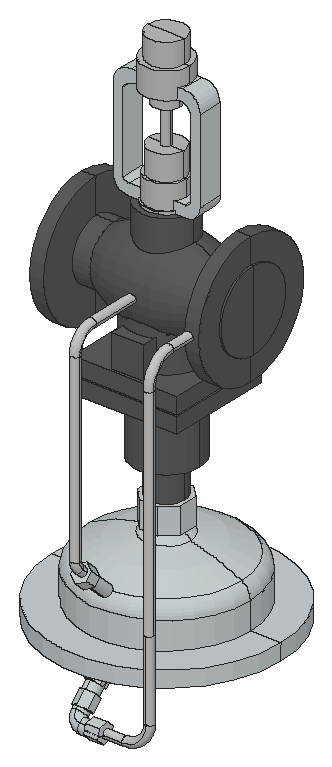
Revit family "1AFQM6_DN40-50_PN25_RFA", category Pipe Accessories, Revit 2019
Family settings
  Round Connector Dimension = Use Diameter
  Part Type = Valve - Breaks Into
  OmniClass Number = 23.65.55.14.17
  OmniClass Title = Adjusting/Controlling Valves for Liquid Services
  Work Plane-Based = No
  Always vertical = Yes
  Cut with Voids When Loaded = No
  Shared = No
Parameters (values of type "AFQM6_DN40_PN25_003G1084")
  t1 = 2.450 mm
  f = 3.000 mm
  d5l = 39.500 mm
  d5 = 42.000 mm
  d4l = 68.000 mm
  d4-1 = 92.000 mm
  d4 = 76.000 mm
  d3 = 97.000 mm
  d2 = 52.000 mm
  d1l = 135.250 mm
  d1 = 100.000 mm
  b1 = 16.000 mm
  Weight = 17.00 kg
  W = 267.500 mm
  Valve Body Material = Danfoss Ductile Iron
  V = 91.250 mm
  URL = "https://store.danfoss.com/en/Climate-Solutions-for-heating/Pressure-and-Flow-Controllers/Pressure-Independent-Control-Valves/c/4120?q=%3Arelevance%3Adanfoss_producttypehierarchydesc%3AAFQM+6%3Adanfoss_a1016338479.nominal%3A25.0&text="
  Stroke = "8 mm"
  Round_flange = not(Rectangular_flange)  # no
  Rectangular_flange = D < 100.000 mm  # yes
  R1 = 68.000 mm
  R = 119.500 mm
  Pressure Drop [instance] = 0.0 bar
  P1 = 18.000 mm
  Nominal Pressure = "PN 25"  # constant formula
  Model Type = "AFQM6_DN40_PN25"
  Model = "003G1084"
  Min Medium Temperature = "2 °C"  # constant formula
  Min Flow = "2.2 m3/h"
  Max Medium Temperature = "150 °C"  # constant formula
  Max Flow = "11 m3/h"
  Max Differential Pressure = "20 bar"  # constant formula
  Manufacturer = "Danfoss"  # constant formula
  LOD 350 = not(LOD 200)  # yes
  LOD 200 = no
  L = 200.000 mm
  Kvs = 20.0 m³/h
  Impulsetube_offset = 85.000 mm
  IfcExportType = "AFQM6"  # constant formula
  IfcExportAs = "IfcValveType"  # constant formula
  H2 = 252.500 mm
  H1 = 383.000 mm
  H = 664.500 mm  # constant formula
  Flow [instance] = 0.0 m³/h
  Flange_l1 = 131.872 mm
  Dr1 = 70.000 mm
  Differential Pressure over Control Valve = 0.2 bar  # constant formula
  Description = "Pressure Independent Control Valve"  # constant formula
  D2 = 120.000 mm
  D1 = 150.000 mm
  D = 40.000 mm
  Connection = "Flange"  # constant formula
  C1 = 77.000 mm
Types (3, lengths in mm): name | t1 | d5l | d4l | d4-1 | d3 | d2 | d1l | Weight | V | Stroke | R1 | R | Model Type | Model | Min Flow | Max Flow | L | Kvs | Impulsetube_offset | Dr1 | D1 | D
  (no name) | 2.450 | 39.500 | 68.000 | 92.000 | 97.000 | 52.000 | 135.250 | 17.00 kg | 91.250 | "8 mm" | 68.000 | 119.500 | "AFQM6_DN40_PN25" | "003G1084" | "2.2 m3/h" | "11 m3/h" | 200.000 | 20.0 m³/h | 85.000 | 70.000 | 150.000 | 40.000
  AFQM6_DN40_PN25_003G1084 | 2.450 | 39.500 | 68.000 | 92.000 | 97.000 | 52.000 | 135.250 | 17.00 kg | 91.250 | "8 mm" | 68.000 | 119.500 | "AFQM6_DN40_PN25" | "003G1084" | "2.2 m3/h" | "11 m3/h" | 200.000 | 20.0 m³/h | 85.000 | 70.000 | 150.000 | 40.000
  AFQM6_DN50_PN25_003G1085 | 3.000 | 37.000 | 70.000 | 106.000 | 104.000 | 58.000 | 139.000 | 22.00 kg | 73.000 | "12 mm" | 77.000 | 140.000 | "AFQM6_DN50_PN25" | "003G1085" | "3.2 m3/h" | "16 m3/h" | 230.000 | 32.0 m³/h | 100.000 | 82.000 | 165.000 | 50.000
Reference planes
  plane 1 "Center (Front/Back)": y = 0
  plane 2: z = 0
  plane 3 "Center (Left/Right)": x = 0
  plane 4: x = -100
  plane 5: x = 100
  plane 6: z = 252.5
  plane 7: z = -383
  plane 8: z = 35
  plane 9: z = -35
  plane 10: z = 75
  plane 11: z = -75
  plane 12: x = 97
  plane 13: x = 81
  plane 14: z = 46
  plane 15: z = -46
  plane 16: x = -97
  plane 17: x = -81
  plane 18: z = -77
  plane 19: x = -60
  plane 20: x = 60
  plane 21: z = -95
  plane 22: z = -97.45
  plane 23: z = -115.45
  plane 24: y = 48.5
  plane 25: y = -48.5
  plane 26: z = 226.5
  plane 27: z = 91.25
  plane 28: x = -5
  plane 29: y = 60
  plane 30: y = -60
  plane 31: x = -60
  plane 32: x = 60
  plane 33: z = -77
  plane 34: z = -95
  plane 35: z = -97.45
  plane 36: z = -115.45
  plane 37: y = 60
  plane 38: y = -60
  plane 39: x = -310
  plane 40: x = 310
  plane 41: z = -183.45
  plane 42: x = -38
  plane 43: x = 38
  plane 44: z = -183.45
  plane 45: y = 75
  plane 46: y = -75
  plane 47: y = -57
  plane 48: y = 53.5
  plane 49: z = 151.25
  plane 50: x = -20.5
  plane 51: z = 192.488
  plane 52: x = -27
  plane 53: x = -15.5
  plane 54: z = -222.95
  plane 55: x = -21
  plane 56: x = 21
  plane 57: z = -222.95
  plane 58: z = -40
  plane 59: x = -18.5
  plane 60: x = 18.5
  plane 61: y = -56.016
  plane 62: z = -77
  plane 63: x = -48.5
  plane 64: x = 48.5
  plane 65: y = -135.628
  plane 66: z = 195.988
  plane 67: z = 107.95
  plane 68: x = 81
  plane 69: x = 97
  plane 70: z = 0
  plane 71: z = -75
  plane 72: z = 75
  plane 73: x = -81
  plane 74: x = -97
  plane 75: z = 46
  plane 76: z = -46
  plane 77: z = 51
  plane 78: x = -52
  plane 79: x = -52
  plane 80: x = 51.031
  plane 81: x = -44
  plane 82: z = 212
  plane 83: z = 76.75
  plane 84: z = 136.75
  plane 85: x = -20.5
  plane 86: z = 192.488
  plane 87: z = 107.95
  plane 88: x = -58
  plane 89: z = 212
  plane 90: z = 76.75
  plane 91: z = 136.75
  plane 92: z = 192.488
  plane 93: z = 195.988
  plane 94: z = 107.95
  plane 95: z = 212
  plane 96: z = 76.75
  plane 97: x = -5
  plane 98: z = 136.75
  plane 99: x = -20.5
  plane 100: z = 192.488
  plane 101: x = -27
  plane 102: x = -15.5
  plane 103: z = 195.988
  plane 104: z = 107.95
  plane 105: x = -43.5
  plane 106: x = -52
  plane 107: z = -412
  plane 108: y = 131.872
Forms (mm)
  Revolve 1, solid, material "Danfoss Ductile Iron" <- "Valve Body Material", visible <- "LOD 350", detail levels fine
    sketch origin (0, 0, 0) x (1, 0, 0) y (0, 0, 1)
      loop
        line (100, 46) -> (97, 46) -> (97, 75) -> (81, 75) -> (81, 35) -> (60.591, 35)
        arc (60.591, 35) -> (0, 51.5) -> (-60.591, 35) r 119.5
        line (-60.591, 35) -> (-81, 35) -> (-81, 75) -> (-97, 75) -> (-97, 46) -> (-100, 46) -> (-100, 0) -> (100, 0) -> (100, 46)
      axis (-100, 0) -> (100, 0)
    angle from 0 to 360
  Revolve 2, solid, material "Danfoss Ductile Iron" <- "Valve Body Material", visible <- "Round_flange", detail levels fine
    sketch origin (0, 0, 0) x (1, 0, 0) y (0, 0, 1)
      loop
        line (-60, -77) -> (-60, -95) -> (0, -95) -> (0, -77) -> (-60, -77)
      loop
        line (-60, -97.45) -> (-60, -115.45) -> (0, -115.45) -> (0, -97.45) -> (-60, -97.45)
      axis (0, -77) -> (0, -115.45)
    angle from 0 to 360
  Revolve 3, solid, material "Danfoss Steel (Spring)", visible <- "LOD 350", detail levels fine
    sketch origin (0, 0, 0) x (1, 0, 0) y (0, 0, 1)
      loop
        line (-27, 226.5) -> (-27, 195.988) -> (-15.5, 195.988) -> (-15.5, 179.95) -> (-5, 179.95) -> (-5, 136.75) -> (0, 136.75) -> (0, 252.5) -> (-20.955, 252.5) -> (-20.955, 226.5) -> (-27, 226.5)
      axis (0, 252.5) -> (0, 136.75)
    angle from 0 to 360
  Extrusion 4, solid, material "Danfoss Ductile Iron" <- "Valve Body Material", visible <- "Rectangular_flange", detail levels fine
    sketch origin (0, 0, 0) x (1, 0, 0) y (0, 1, 0)
      loop
        line (-60, 60) -> (-60, -60) -> (60, -60) -> (60, 60) -> (-60, 60)
    from -77 to -95
  Extrusion 5, solid, material "Danfoss Ductile Iron" <- "Valve Body Material", visible <- "Rectangular_flange", detail levels fine
    sketch origin (0, 0, -55) x (1, 0, 0) y (0, 1, 0)
      loop
        line (-60, 60) -> (-60, -60) -> (60, -60) -> (60, 60) -> (-60, 60)
    from -42.45 to -60.45
  Revolve 6, solid, material "Danfoss Ductile Iron" <- "Valve Body Material", detail levels fine
    sketch origin (0, 0, 0) x (1, 0, 0) y (0, 0, 1)
      loop
        line (-38, -115.45) -> (-38, -183.45) -> (-21, -183.45) -> (-21, -222.95) -> (0, -222.95) -> (0, -115.45) -> (-38, -115.45)
      axis (0, -115.45) -> (0, -222.95)
    angle from 0 to 360
  Extrusion 7, solid, material "Danfoss Ductile Iron" <- "Valve Body Material", visible <- "LOD 350", detail levels fine
    sketch origin (0, 0, 0) x (1, 0, 0) y (0, 0, 1)
      loop
        line (-18.5, -40) -> (-18.5, -77) -> (18.5, -77) -> (18.5, -40) -> (-18.5, -40)
    from 0 to 56.016
  Revolve 8, solid, material "Danfoss Ductile Iron" <- "Valve Body Material", detail levels fine
    sketch origin (0, 0, 0) x (1, 0, 0) y (0, 0, 1)
      loop
        line (-48.5, -95) -> (-48.5, -97.45) -> (0, -97.45) -> (0, -95) -> (-48.5, -95)
      axis (0, -95) -> (0, -97.45)
    angle from 0 to 360
  Extrusion 9, solid, material "Danfoss Ductile Iron (Zinc plated)", visible <- "LOD 350", detail levels fine
    sketch origin (0, 0, 0) x (1, 0, 0) y (0, 0, 1)
      loop
        arc (-29.498, 209.154) -> (-43.916, 203.878) -> (-49.988, 189.777) r 19.408
        line (-49.988, 189.777) -> (-49.988, 94.463)
        arc (-49.988, 94.463) -> (-44.977, 82.365) -> (-32.878, 77.353) r 17.11
        line (-32.878, 77.353) -> (0, 77.353) -> (0, 90.523) -> (-31.976, 90.523)
        arc (-31.976, 90.523) -> (-36.03, 91.574) -> (-39.062, 94.463) r 8.341
        line (-39.062, 94.463) -> (-39.062, 187.859)
        arc (-39.062, 187.859) -> (-32.151, 194.082) -> (-23.127, 196.332) r 19.221
        line (-23.127, 196.332) -> (-22.187, 196.332) -> (-22.187, 209.154) -> (-29.498, 209.154)
    from -13.949 to 13.638
  Extrusion 10, solid, material "Danfoss Ductile Iron (Zinc plated)", visible <- "LOD 350", detail levels fine
    sketch origin (0, 0, 0) x (-1, 0, 0) y (0, 0, -1)
      loop
        line (-29.498, -209.154) -> (-22.187, -209.154) -> (-22.187, -196.332) -> (-23.127, -196.332)
        arc (-23.127, -196.332) -> (-32.151, -194.082) -> (-39.062, -187.859) r 19.221
        line (-39.062, -187.859) -> (-39.062, -94.463)
        arc (-39.062, -94.463) -> (-36.03, -91.574) -> (-31.976, -90.523) r 8.341
        line (-31.976, -90.523) -> (0, -90.523) -> (0, -77.353) -> (-32.878, -77.353)
        arc (-32.878, -77.353) -> (-44.977, -82.365) -> (-49.988, -94.463) r 17.11
        line (-49.988, -94.463) -> (-49.988, -189.777)
        arc (-49.988, -189.777) -> (-43.916, -203.878) -> (-29.498, -209.154) r 19.408
    from -13.949 to 13.638
  Revolve 11, solid, material "Danfoss Ductile Iron" <- "Valve Body Material", visible <- "LOD 200", detail levels fine
    sketch origin (0, 0, 0) x (1, 0, 0) y (0, 0, 1)
      loop
        line (0, 252.5) -> (-20.785, 252.5) -> (-20.785, 226.5) -> (-25.938, 226.5) -> (-25.938, 209.154) -> (-50.957, 209.154) -> (-50.957, 77.353) -> (-30.756, 77.353) -> (-30.756, -27.647) -> (-44, -27.647) -> (-44, -77) -> (0, -77) -> (0, 252.5)
      axis (0, 252.5) -> (0, -77)
    angle from 0 to 360
  Revolve 12, solid, material "Danfoss Ductile Iron" <- "Valve Body Material", visible <- "LOD 200", detail levels fine
    sketch origin (0, 0, 0) x (1, 0, 0) y (0, 0, 1)
      loop
        line (-81, 52) -> (-81, 75) -> (-96.886, 75) -> (-96.886, 46) -> (-100, 46) -> (-100, 0) -> (100, 0) -> (100, 46) -> (97.077, 46) -> (97.077, 75) -> (81, 75) -> (81, 52) -> (-81, 52)
      axis (-100, 0) -> (100, 0)
    angle from 0 to 360
  Revolve 13, solid, material "Danfoss Steel (Spring)", visible <- "LOD 350", detail levels fine
    sketch origin (0, 0, 0) x (1, 0, 0) y (0, 0, 1)
      loop
        line (0, 136.75) -> (-20, 136.75) -> (-20, 107.95) -> (-23, 107.95) -> (-23, 80.353) -> (-25, 80.353) -> (-25, 77.353) -> (0, 77.353) -> (0, 136.75)
      axis (0, 136.75) -> (0, 77.353)
    angle from 0 to 360
  Revolve 14, solid, material "Danfoss Ductile Iron" <- "Valve Body Material", visible <- "LOD 350", detail levels fine
    sketch origin (0, 0, 0) x (1, 0, 0) y (0, 0, 1)
      loop
        line (0, 77.353) -> (-31.916, 77.353) -> (-31.916, 0) -> (0, 0) -> (0, 77.353)
      axis (0, 0) -> (0, 77.353)
    angle from 0 to 360
  Revolve 15, solid, material "Danfoss Ductile Iron" <- "Valve Body Material", visible <- "LOD 350", detail levels fine
    sketch origin (0, 0, 0) x (1, 0, 0) y (0, 0, 1)
      loop
        line (-43.5, 0) -> (-43.5, -77) -> (0, -77) -> (0, 0) -> (-43.5, 0)
      axis (0, 0) -> (0, -77)
    angle from 0 to 360
Cuts and joins
  joined: Revolve 1, Extrusion 7
Lines and regions (mm)
  reference lines
    curve 1: line (-100, 0, 0) -> (100, 0, 0)
Dimensions and locks
  equal spacing: plane 5, plane 3 "Center (Left/Right)", plane 4
  "L": plane 5 to plane 4
  "H2": plane 6 to level
  equal spacing: plane 8, level, plane 9
  "Dr1": plane 8 to plane 9
  equal spacing: plane 10, level, plane 11
  "D1": plane 10 to plane 11
  "f": plane 5 to plane 12
  "b1": plane 12 to plane 13
  equal spacing: plane 14, plane 2, plane 15
  "d4-1": plane 14 to plane 15
  "R1": plane 2 to Revolve 1 sketch curve
  "f": plane 16 to plane 4
  "b1": plane 17 to plane 16
  "C1": level to plane 18
  equal spacing: plane 19, plane 3 "Center (Left/Right)", plane 20
  "D2": plane 20 to plane 19
  "P1": plane 18 to plane 21
  "t1": plane 21 to plane 22
  "P1": plane 22 to plane 23
  equal spacing: plane 25, plane 1 "Center (Front/Back)", plane 24
  "d3": plane 25 to plane 24
  "d1l": plane 26 to plane 27
  locked: plane 28 to plane 3 "Center (Left/Right)" at 5
  equal spacing: plane 29, plane 1 "Center (Front/Back)", plane 30
  equal spacing: plane 31, plane 3 "Center (Left/Right)", plane 32
  "D2": plane 31 to plane 32
  "D2": plane 29 to plane 30
  "C1": plane 2 to plane 33
  "P1": plane 33 to plane 34
  "t1": plane 34 to plane 35
  "P1": plane 35 to plane 36
  equal spacing: plane 42, plane 3 "Center (Left/Right)", plane 43
  "d4": plane 43 to plane 42
  "V": plane 27 to level
  "D2": Extrusion 5 sketch curve to Extrusion 5 sketch curve
  equal spacing: Extrusion 5 sketch curve, plane 3 "Center (Left/Right)", Extrusion 5 sketch curve
  equal spacing: plane 37, plane 1 "Center (Front/Back)", plane 38
  "D2": plane 38 to plane 37
  locked: plane 24 to plane 48 at 5
  locked: plane 49 to plane 27 at 60
  locked: plane 3 "Center (Left/Right)" to plane 52 at 27
  locked: plane 3 "Center (Left/Right)" to plane 53 at 15.5
  "d4l": plane 36 to plane 41
  equal spacing: plane 56, plane 3 "Center (Left/Right)", plane 55
  "d5": plane 56 to plane 55
  "d5l": plane 41 to plane 54
  "d4l": plane 36 to plane 44
  "d5l": plane 44 to plane 57
  "H1": level to plane 7
  locked: plane 3 "Center (Left/Right)" to plane 59 at 18.5
  plane 58 to plane 62 = 37.000 mm
  locked: plane 62 to plane 34 at 18
  equal spacing: plane 63, plane 3 "Center (Left/Right)", plane 64
  "d3": plane 64 to plane 63
  equal spacing: plane 45, plane 1 "Center (Front/Back)", plane 46
  "D1": plane 45 to plane 46
  "d2": Revolve 12 sketch curve to level
  "b1": plane 68 to plane 69
  "f": plane 69 to plane 5
  equal spacing: plane 72, level, plane 71
  "D1": plane 72 to plane 71
  "f": plane 4 to plane 74
  "b1": plane 74 to plane 73
  equal spacing: plane 75, level, plane 76
  "d4-1": plane 75 to plane 76
  locked: plane 77 to plane 75 at 5
  "d2": plane 78 to plane 3 "Center (Left/Right)"
  locked: plane 81 to plane 79 at 8
  "d2": plane 3 "Center (Left/Right)" to plane 79
  "d1l": plane 82 to plane 83
  locked: plane 84 to plane 83 at 60
  "d1l": plane 89 to plane 90
  locked: plane 91 to plane 90 at 60
  "d1l": plane 95 to plane 96
  locked: plane 98 to plane 96 at 60
  plane 105 to plane 106 = 8.500 mm
  "d2": plane 3 "Center (Left/Right)" to plane 106
  "H": plane 6 to plane 107
  "Flange_l1": plane 108 to plane 1 "Center (Front/Back)"
  "W": plane 108 to plane 65
  "R": radius of Revolve 1 sketch curve
  aligned and locked: level to plane 2
  aligned and locked: plane 5 to Revolve 1 sketch curve
  aligned and locked: plane 14 to Revolve 1 sketch curve
  aligned and locked: plane 12 to Revolve 1 sketch curve
  aligned and locked: plane 10 to Revolve 1 sketch curve
  aligned and locked: Revolve 1 sketch curve to plane 2
  aligned and locked: plane 3 "Center (Left/Right)" to Revolve 1 sketch curve
  aligned and locked: plane 13 to Revolve 1 sketch curve
  aligned and locked: Revolve 1 sketch curve to plane 17
  aligned and locked: Revolve 1 sketch curve to plane 10
  aligned and locked: plane 16 to Revolve 1 sketch curve
  aligned and locked: Revolve 1 sketch curve to plane 4
  aligned and locked: plane 8 to Revolve 1 sketch curve
  aligned and locked: Revolve 1 sketch curve to plane 14
  aligned and locked: Revolve 1 sketch curve to plane 8
  aligned and locked: Revolve 1 sketch curve to level
  aligned and locked: plane 21 to Revolve 2 sketch curve
  aligned and locked: Revolve 2 sketch curve to plane 3 "Center (Left/Right)"  (x3)
  aligned and locked: Revolve 2 sketch curve to plane 18
  aligned and locked: plane 19 to Revolve 2 sketch curve  (x2)
  aligned and locked: Revolve 2 sketch curve to plane 22
  aligned and locked: plane 23 to Revolve 2 sketch curve
  aligned and locked: plane 26 to Revolve 3 sketch curve
  aligned and locked: Revolve 3 sketch curve to plane 28
  aligned and locked: Revolve 3 sketch curve to plane 3 "Center (Left/Right)"
  aligned and locked: plane 32 to Extrusion 4 sketch curve
  aligned and locked: Extrusion 4 sketch curve to plane 30
  aligned and locked: Extrusion 4 sketch curve to plane 29
  aligned and locked: plane 31 to Extrusion 4 sketch curve
  aligned and locked: plane 33 to Extrusion 4
  aligned and locked: plane 34 to Extrusion 4
  aligned and locked: Extrusion 5 sketch curve to plane 38
  aligned and locked: Extrusion 5 sketch curve to plane 37
  aligned and locked: Extrusion 5 to plane 35
  aligned and locked: plane 36 to Extrusion 5
  aligned and locked: plane 36 to Revolve 6 sketch curve
  aligned and locked: Revolve 6 sketch curve to plane 42
  aligned and locked: plane 41 to Revolve 6 sketch curve
  aligned and locked: Revolve 6 sketch curve to plane 3 "Center (Left/Right)"  (x2)
  aligned and locked: plane 5 to curve 1
  aligned and locked: plane 4 to curve 1
  aligned and locked: curve 1 to plane 2
  aligned and locked: plane 53 to Revolve 3 sketch curve
  aligned and locked: Extrusion 7 sketch curve to plane 58
  aligned and locked: Extrusion 7 sketch curve to plane 60
  aligned and locked: plane 59 to Extrusion 7 sketch curve
  aligned and locked: Extrusion 7 to plane 61
  aligned and locked: plane 62 to Extrusion 7 sketch curve
  aligned and locked: plane 34 to Revolve 8 sketch curve
  aligned and locked: Revolve 8 sketch curve to plane 35
  aligned and locked: Revolve 8 sketch curve to plane 3 "Center (Left/Right)"  (x2)
  aligned and locked: Revolve 12 sketch curve to plane 72
  aligned and locked: plane 2 to Revolve 12 sketch curve
  aligned and locked: plane 72 to Revolve 12 sketch curve
  aligned and locked: plane 75 to Revolve 12 sketch curve
  aligned and locked: Revolve 12 sketch curve to plane 4
  aligned and locked: plane 33 to Revolve 11 sketch curve
  aligned and locked: Revolve 11 sketch curve to plane 81
  aligned and locked: plane 3 "Center (Left/Right)" to Revolve 11 sketch curve
  aligned and locked: Revolve 11 sketch curve to plane 3 "Center (Left/Right)"
  aligned and locked: Revolve 13 sketch curve to plane 84
  aligned and locked: Revolve 15 sketch curve to plane 105
  aligned and locked: Revolve 14 to Revolve 13 sketch curve
  aligned and locked: Revolve 13 to Revolve 3 sketch curve
  aligned and locked: Revolve 14 sketch curve to Extrusion 9
  aligned and locked: plane 1 "Center (Front/Back)" to nested 2
  aligned and locked: plane 3 "Center (Left/Right)" to nested 2
Automatic sketch dimensions
  Extrusion 9 sketch curve to plane 3 "Center (Left/Right)" = 0.000 mm
  Extrusion 9 sketch curve to plane 3 "Center (Left/Right)" = 22.187 mm
  Extrusion 9 sketch curve to Extrusion 9 sketch curve = 0.940 mm
  Extrusion 9 sketch curve to Extrusion 9 sketch curve = 7.311 mm
  Extrusion 9 sketch curve to Extrusion 9 sketch curve = 7.453 mm
  Extrusion 9 sketch curve to plane 3 "Center (Left/Right)" = 31.976 mm
  Extrusion 9 sketch curve to Extrusion 9 sketch curve = 0.902 mm
  Extrusion 9 sketch curve to Extrusion 9 sketch curve = 6.184 mm
  Extrusion 9 sketch curve to Extrusion 9 sketch curve = 10.926 mm
  level to Extrusion 9 sketch curve = 77.353 mm
  Extrusion 9 sketch curve to Extrusion 9 sketch curve = 13.170 mm
  Extrusion 9 sketch curve to Extrusion 9 sketch curve = 0.000 mm
  Extrusion 9 sketch curve to plane 6 = 75.389 mm
  Extrusion 9 sketch curve to Extrusion 9 sketch curve = 10.748 mm
  Extrusion 9 sketch curve to Extrusion 9 sketch curve = 1.918 mm
  Extrusion 10 sketch curve to plane 3 "Center (Left/Right)" = 0.000 mm
  Extrusion 10 sketch curve to plane 3 "Center (Left/Right)" = 22.187 mm
  Extrusion 10 sketch curve to Extrusion 10 sketch curve = 0.940 mm
  Extrusion 10 sketch curve to Extrusion 10 sketch curve = 7.311 mm
  Extrusion 10 sketch curve to Extrusion 10 sketch curve = 7.453 mm
  Extrusion 10 sketch curve to plane 3 "Center (Left/Right)" = 31.976 mm
  Extrusion 10 sketch curve to Extrusion 10 sketch curve = 0.902 mm
  Extrusion 10 sketch curve to Extrusion 10 sketch curve = 6.184 mm
  Extrusion 10 sketch curve to Extrusion 10 sketch curve = 10.926 mm
  Extrusion 10 sketch curve to level = 77.353 mm
  Extrusion 10 sketch curve to Extrusion 10 sketch curve = 13.170 mm
  Extrusion 10 sketch curve to Extrusion 10 sketch curve = 0.000 mm
  plane 6 to Extrusion 10 sketch curve = 75.389 mm
  Extrusion 10 sketch curve to Extrusion 10 sketch curve = 10.748 mm
  Extrusion 10 sketch curve to Extrusion 10 sketch curve = 1.918 mm
  Revolve 1 sketch curve to plane 4 = 1206.990 mm
  Revolve 1 sketch curve to plane 5 = 1753.983 mm
  plane 107 to Revolve 2 sketch curve = 4.563 mm
  plane 6 to Revolve 2 sketch curve = 1969.815 mm
  Revolve 3 sketch curve to plane 52 = 0.000 mm
  Revolve 3 sketch curve to plane 6 = 0.000 mm
  Revolve 3 sketch curve to plane 3 "Center (Left/Right)" = 0.000 mm
  Revolve 3 sketch curve to plane 66 = 0.000 mm
  Revolve 3 sketch curve to plane 50 = 0.455 mm
  Revolve 3 sketch curve to plane 51 = 12.538 mm
  Revolve 3 sketch curve to plane 67 = 5.908 mm
  Revolve 3 sketch curve to plane 49 = 5.488 mm
  Revolve 6 sketch curve to plane 55 = 0.000 mm
  Revolve 6 sketch curve to plane 54 = 0.000 mm  (x2)
  plane 6 to Revolve 6 sketch curve = 1969.815 mm
  Revolve 8 sketch curve to plane 63 = 0.000 mm
  plane 7 to Revolve 8 sketch curve = 23.955 mm
  plane 6 to Revolve 8 sketch curve = 1961.815 mm
  Revolve 11 sketch curve to plane 6 = 0.000 mm
  plane 79 to Revolve 11 sketch curve = 1.043 mm
  plane 81 to Revolve 11 sketch curve = 13.244 mm
  plane 81 to Revolve 11 sketch curve = 18.062 mm
  Revolve 11 sketch curve to plane 3 "Center (Left/Right)" = 20.785 mm
  Revolve 11 sketch curve to level = 27.647 mm
  level to Revolve 11 sketch curve = 77.353 mm
  Revolve 11 sketch curve to plane 6 = 43.346 mm
  Revolve 11 sketch curve to Revolve 11 sketch curve = 17.346 mm
  plane 7 to Revolve 11 sketch curve = 23.955 mm
  plane 6 to Revolve 11 sketch curve = 1961.815 mm
  Revolve 12 sketch curve to level = 0.000 mm
  plane 73 to Revolve 12 sketch curve = 0.000 mm
  plane 68 to Revolve 12 sketch curve = 0.000 mm
  Revolve 12 sketch curve to plane 75 = 0.000 mm
  plane 5 to Revolve 12 sketch curve = 0.000 mm
  Revolve 12 sketch curve to plane 74 = 0.114 mm
  Revolve 12 sketch curve to plane 69 = 0.077 mm
  Revolve 12 sketch curve to plane 4 = 31.886 mm
  Revolve 12 sketch curve to Revolve 12 sketch curve = 15.000 mm
  Revolve 13 sketch curve to plane 87 = 0.000 mm
  Revolve 13 sketch curve to plane 3 "Center (Left/Right)" = 0.000 mm  (x2)
  plane 85 to Revolve 13 sketch curve = 0.500 mm
  Revolve 13 sketch curve to plane 85 = 2.500 mm
  Revolve 13 sketch curve to Revolve 13 sketch curve = 2.000 mm
  Revolve 13 sketch curve to Revolve 13 sketch curve = 3.000 mm
  Revolve 13 sketch curve to plane 87 = 5.908 mm
  Revolve 13 sketch curve to Revolve 13 sketch curve = 5.488 mm
  Revolve 14 sketch curve to level = 0.000 mm  (x2)
  Revolve 14 sketch curve to plane 3 "Center (Left/Right)" = 0.000 mm  (x2)
  Revolve 14 sketch curve to plane 3 "Center (Left/Right)" = 31.916 mm
  level to Revolve 14 sketch curve = 20.000 mm
  Revolve 15 sketch curve to plane 3 "Center (Left/Right)" = 0.000 mm  (x2)
  Revolve 15 sketch curve to plane 33 = 0.000 mm
  Revolve 15 sketch curve to level = 0.000 mm
  Revolve 15 sketch curve to plane 104 = 5.908 mm
  Revolve 15 sketch curve to plane 98 = 5.488 mm
Nested families
  nested 1: "AFQM6 Actuator" at (0, 0, -223) x (-1, 0, 0) z (0, 0, 1), type "std"
  nested 2: "Schematic" at (0, 0, 0), type "std", detail levels coarse+medium
Connectors
  piping at (-100, 0, 0), diameter 40, driven by "D", driven by "Flow"
    settings: on curve 1, index 1, connector inside diameter 609.6 mm, connector length 0.000 mm, flow factor 0, pipe flow 0.0 m³/h, pressure drop 0.0 bar, fitting loss kfactor 0, connector angle 0.00°, fixture units 0, engagement length 0.000 mm, angle of deflection 0.00°, flow configuration 0, flow direction 0, fitting loss method 0, system type 29, joint type 0, gender type 0, connector reference index 2, connector utility 0, adjustable connector no, is connector primary yes, connector description "In"
  piping at (100, 0, 0), diameter 40, driven by "D", driven by "Flow"
    settings: on curve 1, index 2, connector inside diameter 609.6 mm, connector length 0.000 mm, flow factor 0, pipe flow 0.0 m³/h, pressure drop 0.0 bar, fitting loss kfactor 0, connector angle 0.00°, fixture units 0, engagement length 0.000 mm, angle of deflection 0.00°, flow configuration 0, flow direction 0, fitting loss method 0, system type 29, joint type 0, gender type 0, connector reference index 1, connector utility 0, adjustable connector no, is connector primary no, connector description "Out"
Definition of nested family "AFQM6 Actuator"
  Parameters (values of type "std")
    URL = "https://store.danfoss.com/en/Climate-Solutions-for-heating/Pressure-and-Flow-Controllers/Pressure-Independent-Control-Valves/c/4120?q=%3Arelevance%3Adanfoss_producttypehierarchydesc%3Ad022069c8679de3480b20f10ac96c246414f7f9f%3Adanfoss_a1016338479.nominal%3A25.0&text="
    Model = " "  # constant formula
    Manufacturer = "Danfoss"  # constant formula
    LOD 350 = yes
    LOD 200 = no
    Impulsetube_DN50 = and(LOD 350, D = 50.000 mm)  # yes
    IfcExportType = "AFQM6"  # constant formula
    IfcExportAs = "IfcActuatorType"  # constant formula
    Description = "Flow Controller"  # constant formula
    Impulsetube_DN40 = and(LOD 350, D = 40.000 mm)  # no
    DN40-50_LOD350 = and(LOD 350, or(D = 40.000 mm, D = 50.000 mm))  # yes
    DN40-50_LOD200 = and(LOD 200, or(D = 40.000 mm, D = 50.000 mm))  # no
    D = 50.000 mm
    Body Material = none
  Reference planes
    plane 1 "Center (Front/Back)": y = 0
    plane 2: z = 0
    plane 3 "Center (Left/Right)": x = 0
    plane 4: y = 0
    plane 5: y = 139.09
    plane 6: x = -16.194
    plane 7 "AFQM2": z = 0
    plane 8: y = 161.93
    plane 9: y = 25
    plane 10: through (-13.188, 22.167, 1200) normal (0.7071, -0.7071, 0)
    plane 11: x = -25
    plane 12: x = 25
    plane 13: through (13.188, 22.167, 1200) normal (0.7071, 0.7071, 0)
    plane 14: y = -25
    plane 15: through (-13.188, -22.167, 1200) normal (-0.7071, -0.7071, 0)
    plane 16: through (13.188, -22.167, 1200) normal (-0.7071, 0.7071, 0)
  Forms (mm)
    Sweep 1, solid, material <- "Body Material", not visible, detail levels fine
      path origin (0, 0, 0) x (-1, 0, 0) y (0, 0, -1)
        loop
          line (0, 33) -> (0, 0)
      profile origin (0, 0, -16.5) x (-1, 0, 0) y (0, -1, 0)
        loop
          line (25, -10.355) -> (25, 10.355) -> (10.355, 25) -> (-10.355, 25) -> (-25, 10.355) -> (-25, -10.355) -> (-10.355, -25) -> (10.355, -25) -> (25, -10.355)
    Revolve 2, solid, material <- "Body Material", visible <- "DN40-50_LOD350", detail levels fine
      sketch origin (0, 0, 0) x (1, 0, 0) y (0, 0, 1)
        loop
          line (0, -160.599) -> (0, -30) -> (-17.721, -30) -> (-27.426, -39.705)
          arc (-27.426, -39.705) -> (-58.038, -47.556) -> (-86.731, -60.803) r 174.383
          arc (-86.731, -60.803) -> (-93.877, -67.945) -> (-96.492, -77.704) r 19.511
          line (-96.492, -77.704) -> (-96.492, -109.025) -> (-131.872, -109.025) -> (-131.872, -127.55) -> (-94.365, -127.55)
          spline (-94.365, -127.55) -> (-91.455, -135.56) -> (-88.523, -138.789) -> (-85.869, -140.909) -> (-83.046, -142.477) -> (-79.596, -143.949) -> (-75.206, -145.767) -> (-70.706, -147.668) -> (-67.313, -149.08) -> (-64.639, -149.941) -> (-61.89, -150.475) -> (-58.184, -150.856) -> (-50.282, -150.925)
          line (-50.282, -150.925) -> (-42.597, -150.925) -> (-40.076, -151.843) -> (-40.732, -155.565) -> (-36.351, -157.419) -> (0, -160.599)
        axis (0, -160.599) -> (0, -30)
      angle from 0 to 360
    Sweep 3, solid, material <- "Body Material", visible <- "DN40-50_LOD350", detail levels fine
      path origin (0, 0, 0) x (1, 0, 0) y (0, 0, 1)
        loop
          line (0, -30) -> (0, 0)
      profile origin (0, 0, -15) x (-1, 0, 0) y (0, -1, 0)
        loop
          line (-10.355, -25) -> (10.355, -25) -> (25, -10.355) -> (25, 10.355) -> (10.355, 25) -> (-10.355, 25) -> (-25, 10.355) -> (-25, -10.355) -> (-10.355, -25)
    Revolve 4, solid, material <- "Body Material", visible <- "DN40-50_LOD200", detail levels fine
      sketch origin (0, 0, 0) x (1, 0, 0) y (0, 0, 1)
        loop
          line (-96.48, -109.025) -> (-132.216, -109.025) -> (-132.216, -127.55) -> (-92.73, -127.55) -> (-92.73, -160.417) -> (0, -160.417) -> (0, 0) -> (-16.194, 0) -> (-16.194, -35.9) -> (-96.48, -35.9) -> (-96.48, -109.025)
        axis (0, 0) -> (0, -160.417)
      angle from 0 to 360
    Revolve 5, solid, material <- "Body Material", visible <- "DN40-50_LOD350", detail levels fine
      sketch origin (0, 13.67, 14.162) x (0, 0.999752, -0.022263) y (0, -0.022263, -0.999752)
        loop
          line (106.415, 43.994) -> (111.081, 48.66) -> (79.878, 79.863) -> (75.212, 75.197) -> (106.415, 43.994)
        axis (75.212, 75.197) -> (106.415, 43.994)
      angle from 0 to 360
    Sweep 6, solid, material <- "Body Material", visible <- "DN40-50_LOD350", detail levels fine
      path origin (-335, -446.397, 565.746) x (0, 0.691189, -0.722674) y (0, -0.722674, -0.691189)
        loop
          line (822.963, 15.9) -> (822.963, 0)
      profile origin (-335, 116.681, -34.483) x (0, 0.691189, -0.722674) y (-1, 0, 0)
        loop
          line (10.912, -335) -> (5.456, -325.55) -> (-5.456, -325.55) -> (-10.912, -335) -> (-5.456, -344.45) -> (5.456, -344.45) -> (10.912, -335)
    Revolve 7, solid, material <- "Body Material", visible <- "DN40-50_LOD350", detail levels fine
      sketch origin (0, 145.636, -46.604) x (0, 0.033346, -0.999444) y (0, -0.999444, -0.033346)
        loop
          line (121.752, 28.656) -> (127.887, 34.791) -> (88.437, 74.241) -> (82.302, 68.106) -> (121.752, 28.656)
        axis (82.302, 68.106) -> (121.752, 28.656)
      angle from 0 to 360
    Sweep 8, solid, material <- "Body Material", visible <- "DN40-50_LOD350", detail levels fine
      path origin (-335, 698.09, 416.991) x (0, -0.701225, -0.71294) y (0, -0.71294, 0.701225)
        loop
          line (822.963, 15.9) -> (822.963, 0)
      profile origin (-335, 115.34, -164.157) x (0, -0.701225, -0.71294) y (-1, 0, 0)
        loop
          line (10.912, -335) -> (5.456, -325.55) -> (-5.456, -325.55) -> (-10.912, -335) -> (-5.456, -344.45) -> (5.456, -344.45) -> (10.912, -335)
    Sweep 9, solid, material <- "Body Material", visible <- "DN40-50_LOD350", detail levels fine
      path origin (-34.635, -290.288, 603.702) x (0, 0.771296, -0.636476) y (-1, 0, 0)
        loop
          line (822.963, -15.9) -> (822.963, 0)
      profile origin (-26.685, 344.46, 79.906) x (0, -0.771296, 0.636476) y (0, 0.636476, 0.771296)
        loop
          line (-8.986, -341.292) -> (0.955, -345.928) -> (9.942, -339.637) -> (8.986, -328.709) -> (-0.955, -324.072) -> (-9.942, -330.363) -> (-8.986, -341.292)
    Sweep 10, solid, material <- "Body Material", visible <- "DN40-50_LOD350", detail levels fine
      path origin (-100.413, -544.452, 464.491) x (0, 0.724158, -0.689634) y (-1, 0, 0)
        loop
          line (933.656, -79.806) -> (933.656, -90.413)
          arc (933.656, -90.413) -> (930.727, -97.484) -> (923.656, -100.413) r 10
          line (923.656, -100.413) -> (920.131, -100.413)
      profile origin (-15.304, 131.663, -179.39) x (0, 0.724158, -0.689634) y (0, 0.689634, 0.724158)
        loop
          circle (0, 0) r 8.025
    Sweep 11, solid, material <- "Body Material", visible <- "DN40-50_LOD350", detail levels fine
      path origin (-334.844, 682.935, 431.332) x (0, -0.701225, -0.71294) y (0, -0.71294, 0.701225)
        loop
          line (822.963, 15.9) -> (822.963, 5.119)
      profile origin (-334.844, 98.36, -148.022) x (0, -0.701225, -0.71294) y (-1, 0, 0)
        loop
          line (10.912, -335) -> (5.456, -325.55) -> (-5.456, -325.55) -> (-10.912, -335) -> (-5.456, -344.45) -> (5.456, -344.45) -> (10.912, -335)
    Sweep 12, solid, visible <- "Impulsetube_DN40", detail levels fine
      path origin (0, -29.607, 358.479) x (-1, 0, 0) y (0, 0.003153, 0.999995)
        loop
          line (12.808, -536.366) -> (57, -536.366)
          arc (57, -536.366) -> (76.799, -528.165) -> (85, -508.366) r 28
          line (85, -508.366) -> (85, -416.332)
      profile origin (-34.904, -31.298, -177.884) x (0, 0.003153, 0.999995) y (0, 0.999995, -0.003153)
        loop
          circle (0, 161.93) r 5
    Sweep 13, solid, visible <- "DN40-50_LOD350", detail levels fine
      path origin (0, -16.831, 358.683) x (0, -1, 0) y (0, 0, 1)
        loop
          line (0, -136.191) -> (-124.913, -136.191)
          arc (-124.913, -136.191) -> (-141.176, -142.928) -> (-147.913, -159.191) r 23
          line (-147.913, -159.191) -> (-147.913, -371.183)
          arc (-147.913, -371.183) -> (-146.847, -376.54) -> (-143.812, -381.082) r 14
          line (-143.812, -381.082) -> (-138, -386.895)
      profile origin (0, 45.625, 222.492) x (0, 0, -1) y (-1, 0, 0)
        loop
          circle (0, 0) r 5
    Sweep 14, solid, visible <- "Impulsetube_DN40", detail levels fine
      path origin (190, 74.817, 337.732) x (0, -1, 0) y (0, 0, 1)
        loop
          line (-56.264, -396.093) -> (-56.264, -144.234)
          arc (-56.264, -144.234) -> (-48.843, -123.134) -> (-28.338, -114.2) r 28
          line (-28.338, -114.2) -> (0, -114.2)
      profile origin (190, 88.986, 223.532) x (0, 0, 1) y (-1, 0, 0)
        loop
          circle (0, 275) r 5
    Sweep 15, solid, visible <- "Impulsetube_DN50", detail levels fine
      path origin (-15.144, -29.607, 358.479) x (-1, 0, 0) y (0, 0.003153, 0.999995)
        loop
          line (2, -536.366) -> (57, -536.366)
          arc (57, -536.366) -> (76.799, -528.165) -> (85, -508.366) r 28
          line (85, -508.366) -> (85, -416.332)
      profile origin (-44.644, -31.298, -177.884) x (0, 0.003153, 0.999995) y (0, 0.999995, -0.003153)
        loop
          circle (0, 161.93) r 5
    Sweep 16, solid, visible <- "Impulsetube_DN50", detail levels fine
      path origin (174.856, 74.817, 337.732) x (0, -1, 0) y (0, 0, 1)
        loop
          line (-56.264, -396.093) -> (-56.264, -144.234)
          arc (-56.264, -144.234) -> (-48.843, -123.134) -> (-28.338, -114.2) r 28
          line (-28.338, -114.2) -> (0, -114.2)
      profile origin (174.856, 88.986, 223.532) x (0, 0, 1) y (-1, 0, 0)
        loop
          circle (0, 275) r 5
  Dimensions and locks
    aligned and locked: level to plane 2
    aligned and locked: plane 3 "Center (Left/Right)" to Revolve 2 sketch curve
    aligned and locked: Revolve 4 sketch curve to Revolve 2  (x2)
    aligned and locked: Revolve 4 sketch curve to plane 3 "Center (Left/Right)"
Definition of nested family "Schematic"
  Parameters (values of type "std")
    a = (L / 2) / 10  # 17.500 mm
    L_1 = 3 / 5 * L  # 210.000 mm
    L = 350.000 mm
    H3 = L / 3  # 116.667 mm
    H2 = L  # 350.000 mm
    H1 = L  # 350.000 mm
    D = 238.500 mm
  Reference planes
    plane 1 "Center (Front/Back)": y = 0
    plane 2: z = 0
    plane 3 "Center (Left/Right)": x = 0
    plane 4: y = 119.25
    plane 5: y = 350
    plane 6: y = -119.25
    plane 7: y = -233.333
    plane 8: y = -291.667
    plane 9: y = -350
    plane 10: x = -175
    plane 11: x = 175
    plane 12: x = -105
    plane 13: x = 105
    plane 14: z = 119.25
    plane 15: z = -119.25
    plane 16: z = 350
    plane 17: z = -291.667
    plane 18: z = -350
    plane 19: z = -233.333
    plane 20: x = -157.5
    plane 21: x = 157.5
  Lines and regions (mm)
    symbolic lines, detail levels coarse+medium
      curve 1: line (-157.5, 119.25, 0) -> (-157.5, -119.25, 0)
      curve 2: line (-157.5, -119.25, 0) -> (0, 0, 0)
      curve 3: line (-157.5, 119.25, 0) -> (0, 0, 0)
      curve 4: line (175, 119.25, 0) -> (175, -119.25, 0)
      curve 5: line (157.5, -119.25, 0) -> (0, 0, 0)
      curve 6: line (157.5, 119.25, 0) -> (0, 0, 0)
      curve 7: line (0, 350, 0) -> (0, -233.333, 0)
      curve 8: line (-105, 350, 0) -> (105, 350, 0)
      curve 9: line (-105, -291.667, 0) -> (105, -291.667, 0)
      curve 10: spline (105, -291.667, 0) -> (101.422, -276.569, 0) -> (90.933, -262.5, 0) -> (74.246, -250.419, 0) -> (52.5, -241.149, 0) -> (27.176, -235.321, 0) -> (0, -233.333, 0) -> (-27.176, -235.321, 0) -> (-52.5, -241.149, 0) -> (-74.246, -250.419, 0) -> (-90.933, -262.5, 0) -> (-101.422, -276.569, 0) -> (-105, -291.667, 0) -> (-101.422, -306.764, 0) -> (-90.933, -320.833, 0) -> (-74.246, -332.915, 0) -> (-52.5, -342.185, 0) -> (-27.176, -348.012, 0) -> (0, -350, 0) -> (27.176, -348.012, 0) -> (52.5, -342.185, 0) -> (74.246, -332.915, 0) -> (90.933, -320.833, 0) -> (101.422, -306.764, 0) -> (105, -291.667, 0)
      curve 21: line (-175, 119.25, 0) -> (-175, -119.25, 0)
      curve 22: line (157.5, 119.25, 0) -> (157.5, -119.25, 0)
    model lines, detail levels coarse+medium
      curve 11: line (-105, 0, 350) -> (105, 0, 350)
      curve 12: line (-175, 0, 119.25) -> (-175, 0, -119.25)
      curve 13: line (175, 0, 119.25) -> (175, 0, -119.25)
      curve 14: line (-157.5, 0, 119.25) -> (0, 0, 0)
      curve 15: line (0, 0, 0) -> (-157.5, 0, -119.25)
      curve 16: line (0, 0, 0) -> (157.5, 0, 119.25)
      curve 17: line (0, 0, 0) -> (157.5, 0, -119.25)
      curve 18: line (0, 0, 350) -> (0, 0, -233.333)
      curve 19: line (-105, 0, -291.667) -> (105, 0, -291.667)
      curve 20: spline (105, 0, -291.667) -> (101.422, 0, -276.569) -> (90.933, 0, -262.5) -> (74.246, 0, -250.419) -> (52.5, 0, -241.149) -> (27.176, 0, -235.321) -> (0, 0, -233.333) -> (-27.176, 0, -235.321) -> (-52.5, 0, -241.149) -> (-74.246, 0, -250.419) -> (-90.933, 0, -262.5) -> (-101.422, 0, -276.569) -> (-105, 0, -291.667) -> (-101.422, 0, -306.764) -> (-90.933, 0, -320.833) -> (-74.246, 0, -332.915) -> (-52.5, 0, -342.185) -> (-27.176, 0, -348.012) -> (0, 0, -350) -> (27.176, 0, -348.012) -> (52.5, 0, -342.185) -> (74.246, 0, -332.915) -> (90.933, 0, -320.833) -> (101.422, 0, -306.764) -> (105, 0, -291.667)
      curve 23: line (-157.5, 0, 119.25) -> (-157.5, 0, -119.25)
      curve 24: line (157.5, 0, 119.25) -> (157.5, 0, -119.25)
  Dimensions and locks
    "H2": plane 1 "Center (Front/Back)" to plane 5
    equal spacing: plane 9, plane 8, plane 7
    equal spacing: plane 10, plane 3 "Center (Left/Right)", plane 11
    "L": plane 10 to plane 11
    equal spacing: plane 12, plane 3 "Center (Left/Right)", plane 13
    "L_1": plane 12 to plane 13
    equal spacing: plane 14, level, plane 15
    "D": plane 14 to plane 15
    "H2": plane 16 to level
    "H3": plane 9 to plane 7
    equal spacing: curve 19, plane 3 "Center (Left/Right)", curve 19
    "L_1": curve 19 to curve 19
    equal spacing: curve 20, plane 17, curve 20
    "H3": curve 20 to curve 20
    "H1": plane 9 to plane 1 "Center (Front/Back)"
    equal spacing: curve 10, plane 3 "Center (Left/Right)", curve 10
    "L_1": curve 10 to curve 10
    equal spacing: plane 4, plane 1 "Center (Front/Back)", plane 6
    "D": plane 4 to plane 6
    equal spacing: plane 19, plane 17, plane 18
    "H3": plane 19 to plane 18
    "H1": level to plane 18
    "a": plane 10 to plane 20
    "a": plane 21 to plane 11
    aligned and locked: level to plane 2
    aligned and locked: curve 7 to plane 3 "Center (Left/Right)"
    aligned and locked: plane 5 to curve 7
    aligned and locked: curve 8 to plane 5
    aligned and locked: plane 8 to curve 9
    aligned and locked: curve 11 to plane 16
    aligned and locked: plane 15 to curve 12
    aligned and locked: plane 14 to curve 13
    aligned and locked: plane 15 to curve 13
    aligned and locked: curve 18 to plane 3 "Center (Left/Right)"
    aligned and locked: plane 16 to curve 18
    aligned and locked: plane 17 to curve 19
    aligned and locked: plane 13 to curve 8
    aligned and locked: plane 12 to curve 8
    aligned and locked: curve 12 to plane 10
    aligned and locked: plane 12 to curve 11
    aligned and locked: plane 13 to curve 11
    aligned and locked: plane 7 to curve 7
    aligned and locked: curve 1 to plane 20
    aligned and locked: plane 6 to curve 2
    aligned and locked: plane 4 to curve 3
    aligned and locked: plane 21 to curve 6
    aligned and locked: plane 21 to curve 5
    aligned and locked: plane 6 to curve 5
    aligned and locked: plane 4 to curve 21
    aligned and locked: plane 6 to curve 21
    aligned and locked: curve 21 to plane 10
    aligned and locked: plane 4 to curve 22
    aligned and locked: plane 15 to curve 15
    aligned and locked: plane 20 to curve 15
    aligned and locked: plane 14 to curve 23
    aligned and locked: curve 23 to plane 20
    aligned and locked: plane 21 to curve 16
    aligned and locked: plane 14 to curve 16
    aligned and locked: plane 21 to curve 17
    aligned and locked: plane 15 to curve 24
  Automatic sketch dimensions
    curve 16 to level = 0.000 mm
    curve 16 to plane 3 "Center (Left/Right)" = 0.000 mm
    plane 11 to curve 13 = 0.000 mm
    curve 12 to plane 14 = 0.000 mm
    plane 1 "Center (Front/Back)" to curve 5 = 0.000 mm
    curve 5 to plane 3 "Center (Left/Right)" = 0.000 mm
    curve 4 to plane 4 = 0.000 mm
    curve 4 to plane 11 = 0.000 mm
    plane 8 to curve 10 = 0.000 mm
    plane 6 to curve 4 = 0.000 mm
